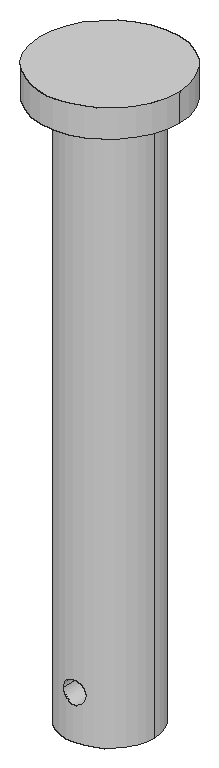
Revit family "PIN 16x100_1861627", category Generic Models, Revit 2018
Family settings
  Can host rebar = No
  Round Connector Dimension = Use Diameter
  Part Type = Normal
  OmniClass Number = 35.51.14.00
  OmniClass Title = FORMWORK
  Work Plane-Based = Yes
  Always vertical = No
  Cut with Voids When Loaded = No
  Shared = Yes
  Room Calculation Point = No
Parameters
  VERSION = "20170217"  # constant formula
  URL = "www.ulmaconstruction.com/en"
  UNICLASS = ""
  Manufacturer = "ULMA CONSTRUCTION"  # constant formula
  ITEM_WEIGHT = 0.17 kg
  ITEM_CODE = "1861627"
  FILTER [instance] = ""
  Default Elevation = 0.000 mm
  CLASSIFICATION_TITLE = ""
  CLASSIFICATION_NUMBER = ""
Reference planes
  plane 1 "Centro (Frontal/Posterior)": y = 0
  plane 2: z = 0
  plane 3 "Centro (Izquierda/Derecha)": x = 0
  plane 4 "HOLE": z = -92
Forms (mm)
  Extrusion 1, solid, material "ULMA ZINC"
    sketch origin (0, 0, 0) x (1, 0, 0) y (0, 1, 0)
      loop
        circle (0, 0) r 12.5
    from 0 to 5
  Extrusion 2, solid, material "ULMA ZINC"
    sketch origin (0, 0, 0) x (1, 0, 0) y (0, 1, 0)
      loop
        circle (0, 0) r 8
    from 0 to -100
  Extrusion 3, void
    sketch origin (0, 0, 0) x (1, 0, 0) y (0, 0, 1)
      loop
        circle (0, -92) r 2
    from -8 to 8
Cuts and joins
  Extrusion 3 cuts Extrusion 1
  Extrusion 3 cuts Extrusion 2
  joined: Extrusion 1, Extrusion 2
Dimensions and locks
  locked: plane 2 to plane 4 "HOLE" at 92
  aligned and locked: level to plane 2
